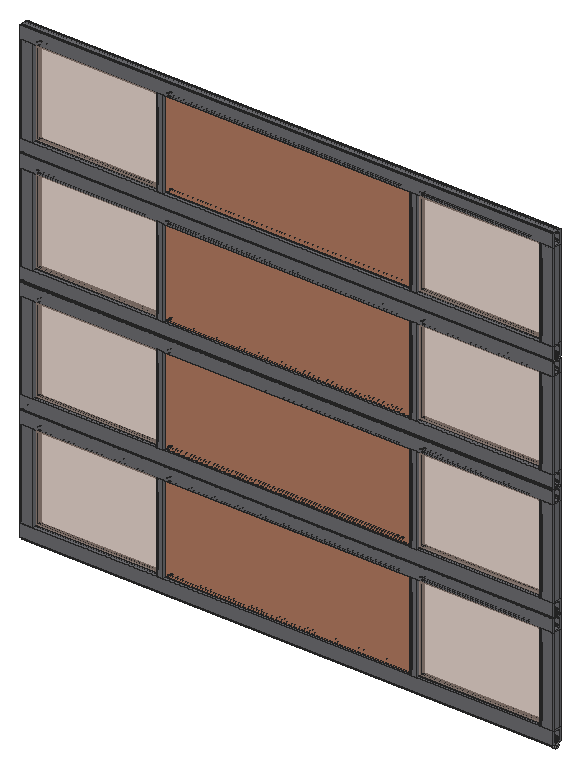
Revit family "GASY 12PUE T3C", category Doors, host Wall, Revit 2024
Family settings
  Host = Wall
  OmniClass Number = 23.30.10.00
  OmniClass Title = Doors
  Always vertical = Yes
  Cut with Voids When Loaded = No
  Shared = No
  Room Calculation Point = No
Parameters
  Wall Opening [instance] = 2440 mm
  Function = Interior
  Frame Projection Ext. = 25 mm
  Frame Projection Int. = 25 mm
  Frame Width = 75 mm
  Height = 2135 mm
  Wall Closure = By host
  Width = 2440 mm
Reference planes
  plane 1: y = 0
  plane 2 "Center (Left/Right)": x = 0
  plane 3 "Left": x = -1220
  plane 4 "Right": x = 1220
  plane 5: z = 2135
  plane 6 "Exterior": y = 75
  plane 7 "Interior": y = -75
  plane 8 "Garage Bottom": y = 75
  plane 9 "Garage Left": x = 1250
  plane 10 "Garage Right": x = -1250
  plane 11 "Garage Top": z = 2170
  plane 12: y = -115
Forms (mm)
  Extrusion 1, solid, material "ALUMINIUM CHAR (TEST)"
    sketch origin (0, -40.1, 2189.909) x (0, -1, 0) y (0, 0, -1)
      loop
        line (75, 2170) -> (75, 2110) -> (85, 2110) -> (85, 2110.993) -> (83.5, 2111.395) -> (83.5, 2112.6) -> (101.75, 2112.6) -> (101.75, 2111.307) -> (99, 2111.066) -> (99, 2110) -> (119, 2110) -> (119, 2170) -> (115.1, 2170) -> (115.1, 2168.2) -> (117.2, 2168.2) -> (117.2, 2166.2) -> (109.1, 2166.2) -> (109.1, 2168.2) -> (111.1, 2168.2) -> (111.1, 2170) -> (82.9, 2170) -> (82.9, 2168.2) -> (84.9, 2168.2) -> (84.9, 2166.2) -> (76.8, 2166.2) -> (76.8, 2168.2) -> (78.9, 2168.2) -> (78.9, 2170) -> (75, 2170)
      loop
        line (117.25, 2157.453) -> (117.25, 2164.6) -> (107.3, 2164.6) -> (107.3, 2168.2) -> (86.7, 2168.2) -> (86.7, 2164.6) -> (76.75, 2164.6) -> (76.75, 2157.453) -> (77.3, 2156.5) -> (77.3, 2153.5) -> (76.75, 2152.547) -> (76.75, 2127.253) -> (77.3, 2126.3) -> (77.3, 2123.3) -> (76.75, 2122.347) -> (76.75, 2111.8) -> (81.7, 2111.8) -> (81.7, 2114.4) -> (103.55, 2114.4) -> (103.55, 2111.8) -> (117.25, 2111.8) -> (117.25, 2122.347) -> (116.7, 2123.3) -> (116.7, 2126.3) -> (117.25, 2127.253) -> (117.25, 2152.547) -> (116.7, 2153.5) -> (116.7, 2156.5) -> (117.25, 2157.453)
      loop
        line (75, 19.909) -> (78.9, 19.909) -> (78.9, 21.709) -> (76.8, 21.709) -> (76.8, 23.709) -> (84.9, 23.709) -> (84.9, 21.709) -> (82.9, 21.709) -> (82.9, 19.909) -> (111.1, 19.909) -> (111.1, 21.709) -> (109.1, 21.709) -> (109.1, 23.709) -> (117.2, 23.709) -> (117.2, 21.709) -> (115.1, 21.709) -> (115.1, 19.909) -> (119, 19.909) -> (119, 79.909) -> (99, 79.909) -> (99, 78.843) -> (101.75, 78.602) -> (101.75, 77.309) -> (83.5, 77.309) -> (83.5, 78.514) -> (85, 78.916) -> (85, 79.909) -> (75, 79.909) -> (75, 19.909)
      loop
        line (117.25, 32.456) -> (116.7, 33.409) -> (116.7, 36.409) -> (117.25, 37.361) -> (117.25, 62.656) -> (116.7, 63.609) -> (116.7, 66.609) -> (117.25, 67.561) -> (117.25, 78.109) -> (103.55, 78.109) -> (103.55, 75.509) -> (81.7, 75.509) -> (81.7, 78.109) -> (76.75, 78.109) -> (76.75, 67.561) -> (77.3, 66.609) -> (77.3, 63.609) -> (76.75, 62.656) -> (76.75, 37.361) -> (77.3, 36.409) -> (77.3, 33.409) -> (76.75, 32.456) -> (76.75, 25.309) -> (86.7, 25.309) -> (86.7, 21.709) -> (107.3, 21.709) -> (107.3, 25.309) -> (117.25, 25.309) -> (117.25, 32.456)
    from -1250 to 1250
  Extrusion 2, solid, material "ALUMINIUM CHAR (TEST)"
    sketch origin (0, -40.1, 3811.454) x (0, -1, 0) y (0, 0, -1)
      loop
        line (75, 3258.454) -> (78.9, 3258.454) -> (78.9, 3260.254) -> (76.8, 3260.254) -> (76.8, 3262.254) -> (84.9, 3262.254) -> (84.9, 3260.254) -> (82.9, 3260.254) -> (82.9, 3258.454) -> (111.1, 3258.454) -> (111.1, 3260.254) -> (109.1, 3260.254) -> (109.1, 3262.254) -> (117.2, 3262.254) -> (117.2, 3260.254) -> (115.1, 3260.254) -> (115.1, 3258.454) -> (119, 3258.454) -> (119, 3318.454) -> (99, 3318.454) -> (99, 3317.388) -> (101.75, 3317.148) -> (101.75, 3315.854) -> (83.5, 3315.854) -> (83.5, 3317.06) -> (85, 3317.461) -> (85, 3318.454) -> (75, 3318.454) -> (75, 3258.454)
      loop
        line (117.25, 3271.002) -> (116.7, 3271.954) -> (116.7, 3274.954) -> (117.25, 3275.907) -> (117.25, 3301.202) -> (116.7, 3302.154) -> (116.7, 3305.154) -> (117.25, 3306.107) -> (117.25, 3316.654) -> (103.55, 3316.654) -> (103.55, 3314.054) -> (81.7, 3314.054) -> (81.7, 3316.654) -> (76.75, 3316.654) -> (76.75, 3306.107) -> (77.3, 3305.154) -> (77.3, 3302.154) -> (76.75, 3301.202) -> (76.75, 3275.907) -> (77.3, 3274.954) -> (77.3, 3271.954) -> (76.75, 3271.002) -> (76.75, 3263.854) -> (86.7, 3263.854) -> (86.7, 3260.254) -> (107.3, 3260.254) -> (107.3, 3263.854) -> (117.25, 3263.854) -> (117.25, 3271.002)
      loop
        line (75, 3252.454) -> (75, 3192.454) -> (85, 3192.454) -> (85, 3193.447) -> (83.5, 3193.849) -> (83.5, 3195.054) -> (101.75, 3195.054) -> (101.75, 3193.761) -> (99, 3193.52) -> (99, 3192.454) -> (119, 3192.454) -> (119, 3252.454) -> (115.1, 3252.454) -> (115.1, 3250.654) -> (117.2, 3250.654) -> (117.2, 3248.654) -> (109.1, 3248.654) -> (109.1, 3250.654) -> (111.1, 3250.654) -> (111.1, 3252.454) -> (82.9, 3252.454) -> (82.9, 3250.654) -> (84.9, 3250.654) -> (84.9, 3248.654) -> (76.8, 3248.654) -> (76.8, 3250.654) -> (78.9, 3250.654) -> (78.9, 3252.454) -> (75, 3252.454)
      loop
        line (117.25, 3239.907) -> (117.25, 3247.054) -> (107.3, 3247.054) -> (107.3, 3250.654) -> (86.7, 3250.654) -> (86.7, 3247.054) -> (76.75, 3247.054) -> (76.75, 3239.907) -> (77.3, 3238.954) -> (77.3, 3235.954) -> (76.75, 3235.002) -> (76.75, 3209.707) -> (77.3, 3208.754) -> (77.3, 3205.754) -> (76.75, 3204.802) -> (76.75, 3194.254) -> (81.7, 3194.254) -> (81.7, 3196.854) -> (103.55, 3196.854) -> (103.55, 3194.254) -> (117.25, 3194.254) -> (117.25, 3204.802) -> (116.7, 3205.754) -> (116.7, 3208.754) -> (117.25, 3209.707) -> (117.25, 3235.002) -> (116.7, 3235.954) -> (116.7, 3238.954) -> (117.25, 3239.907)
      loop
        line (75, 2719.454) -> (78.9, 2719.454) -> (78.9, 2721.254) -> (76.8, 2721.254) -> (76.8, 2723.254) -> (84.9, 2723.254) -> (84.9, 2721.254) -> (82.9, 2721.254) -> (82.9, 2719.454) -> (111.1, 2719.454) -> (111.1, 2721.254) -> (109.1, 2721.254) -> (109.1, 2723.254) -> (117.2, 2723.254) -> (117.2, 2721.254) -> (115.1, 2721.254) -> (115.1, 2719.454) -> (119, 2719.454) -> (119, 2779.454) -> (99, 2779.454) -> (99, 2778.388) -> (101.75, 2778.148) -> (101.75, 2776.854) -> (83.5, 2776.854) -> (83.5, 2778.06) -> (85, 2778.461) -> (85, 2779.454) -> (75, 2779.454) -> (75, 2719.454)
      loop
        line (117.25, 2732.002) -> (116.7, 2732.954) -> (116.7, 2735.954) -> (117.25, 2736.907) -> (117.25, 2762.202) -> (116.7, 2763.154) -> (116.7, 2766.154) -> (117.25, 2767.107) -> (117.25, 2777.654) -> (103.55, 2777.654) -> (103.55, 2775.054) -> (81.7, 2775.054) -> (81.7, 2777.654) -> (76.75, 2777.654) -> (76.75, 2767.107) -> (77.3, 2766.154) -> (77.3, 2763.154) -> (76.75, 2762.202) -> (76.75, 2736.907) -> (77.3, 2735.954) -> (77.3, 2732.954) -> (76.75, 2732.002) -> (76.75, 2724.854) -> (86.7, 2724.854) -> (86.7, 2721.254) -> (107.3, 2721.254) -> (107.3, 2724.854) -> (117.25, 2724.854) -> (117.25, 2732.002)
      loop
        line (75, 2713.454) -> (75, 2653.454) -> (85, 2653.454) -> (85, 2654.447) -> (83.5, 2654.849) -> (83.5, 2656.054) -> (101.75, 2656.054) -> (101.75, 2654.761) -> (99, 2654.52) -> (99, 2653.454) -> (119, 2653.454) -> (119, 2713.454) -> (115.1, 2713.454) -> (115.1, 2711.654) -> (117.2, 2711.654) -> (117.2, 2709.654) -> (109.1, 2709.654) -> (109.1, 2711.654) -> (111.1, 2711.654) -> (111.1, 2713.454) -> (82.9, 2713.454) -> (82.9, 2711.654) -> (84.9, 2711.654) -> (84.9, 2709.654) -> (76.8, 2709.654) -> (76.8, 2711.654) -> (78.9, 2711.654) -> (78.9, 2713.454) -> (75, 2713.454)
      loop
        line (117.25, 2700.907) -> (117.25, 2708.054) -> (107.3, 2708.054) -> (107.3, 2711.654) -> (86.7, 2711.654) -> (86.7, 2708.054) -> (76.75, 2708.054) -> (76.75, 2700.907) -> (77.3, 2699.954) -> (77.3, 2696.954) -> (76.75, 2696.002) -> (76.75, 2670.707) -> (77.3, 2669.754) -> (77.3, 2666.754) -> (76.75, 2665.802) -> (76.75, 2655.254) -> (81.7, 2655.254) -> (81.7, 2657.854) -> (103.55, 2657.854) -> (103.55, 2655.254) -> (117.25, 2655.254) -> (117.25, 2665.802) -> (116.7, 2666.754) -> (116.7, 2669.754) -> (117.25, 2670.707) -> (117.25, 2696.002) -> (116.7, 2696.954) -> (116.7, 2699.954) -> (117.25, 2700.907)
      loop
        line (75, 2180.454) -> (78.9, 2180.454) -> (78.9, 2182.254) -> (76.8, 2182.254) -> (76.8, 2184.254) -> (84.9, 2184.254) -> (84.9, 2182.254) -> (82.9, 2182.254) -> (82.9, 2180.454) -> (111.1, 2180.454) -> (111.1, 2182.254) -> (109.1, 2182.254) -> (109.1, 2184.254) -> (117.2, 2184.254) -> (117.2, 2182.254) -> (115.1, 2182.254) -> (115.1, 2180.454) -> (119, 2180.454) -> (119, 2240.454) -> (99, 2240.454) -> (99, 2239.388) -> (101.75, 2239.148) -> (101.75, 2237.854) -> (83.5, 2237.854) -> (83.5, 2239.06) -> (85, 2239.461) -> (85, 2240.454) -> (75, 2240.454) -> (75, 2180.454)
      loop
        line (117.25, 2193.002) -> (116.7, 2193.954) -> (116.7, 2196.954) -> (117.25, 2197.907) -> (117.25, 2223.202) -> (116.7, 2224.154) -> (116.7, 2227.154) -> (117.25, 2228.107) -> (117.25, 2238.654) -> (103.55, 2238.654) -> (103.55, 2236.054) -> (81.7, 2236.054) -> (81.7, 2238.654) -> (76.75, 2238.654) -> (76.75, 2228.107) -> (77.3, 2227.154) -> (77.3, 2224.154) -> (76.75, 2223.202) -> (76.75, 2197.907) -> (77.3, 2196.954) -> (77.3, 2193.954) -> (76.75, 2193.002) -> (76.75, 2185.854) -> (86.7, 2185.854) -> (86.7, 2182.254) -> (107.3, 2182.254) -> (107.3, 2185.854) -> (117.25, 2185.854) -> (117.25, 2193.002)
      loop
        line (75, 2174.454) -> (75, 2114.454) -> (85, 2114.454) -> (85, 2115.447) -> (83.5, 2115.849) -> (83.5, 2117.054) -> (101.75, 2117.054) -> (101.75, 2115.761) -> (99, 2115.52) -> (99, 2114.454) -> (119, 2114.454) -> (119, 2174.454) -> (115.1, 2174.454) -> (115.1, 2172.654) -> (117.2, 2172.654) -> (117.2, 2170.654) -> (109.1, 2170.654) -> (109.1, 2172.654) -> (111.1, 2172.654) -> (111.1, 2174.454) -> (82.9, 2174.454) -> (82.9, 2172.654) -> (84.9, 2172.654) -> (84.9, 2170.654) -> (76.8, 2170.654) -> (76.8, 2172.654) -> (78.9, 2172.654) -> (78.9, 2174.454) -> (75, 2174.454)
      loop
        line (117.25, 2161.907) -> (117.25, 2169.054) -> (107.3, 2169.054) -> (107.3, 2172.654) -> (86.7, 2172.654) -> (86.7, 2169.054) -> (76.75, 2169.054) -> (76.75, 2161.907) -> (77.3, 2160.954) -> (77.3, 2157.954) -> (76.75, 2157.002) -> (76.75, 2131.707) -> (77.3, 2130.754) -> (77.3, 2127.754) -> (76.75, 2126.802) -> (76.75, 2116.254) -> (81.7, 2116.254) -> (81.7, 2118.854) -> (103.55, 2118.854) -> (103.55, 2116.254) -> (117.25, 2116.254) -> (117.25, 2126.802) -> (116.7, 2127.754) -> (116.7, 2130.754) -> (117.25, 2131.707) -> (117.25, 2157.002) -> (116.7, 2157.954) -> (116.7, 2160.954) -> (117.25, 2161.907)
    from -1250 to 1250
  Extrusion 3, solid, material "Rubber, Natural"
    sketch origin (0, -36.1, 0) x (0, 1, 0) y (0, 0, 1)
      loop
        line (-111, 19.909) -> (-111, 16.909) -> (-106, 16.909) -> (-106, 14.004)
        spline (-106, 14.004) -> (-109.192, 11.809) -> (-110.848, 8.808) -> (-110.659, 5.562) -> (-108.66, 2.681) -> (-105.226, 0.703) -> (-101, 0) -> (-96.774, 0.703) -> (-93.34, 2.681) -> (-91.341, 5.562) -> (-91.152, 8.808) -> (-92.808, 11.809) -> (-96, 14.004)
        line (-96, 14.004) -> (-96, 16.909) -> (-91, 16.909) -> (-91, 19.909) -> (-111, 19.909)
      loop
        line (-98, 16.909) -> (-104, 16.909) -> (-104, 14.633)
        arc (-104, 14.633) -> (-101, 15.009) -> (-98, 14.633) r 12.129
        line (-98, 14.633) -> (-98, 16.909)
      loop
        spline (-101, 1.513) -> (-98.929, 1.717) -> (-97, 2.316) -> (-95.343, 3.268) -> (-94.072, 4.509) -> (-93.273, 5.954) -> (-93, 7.505) -> (-93.273, 9.055) -> (-94.072, 10.501) -> (-95.343, 11.742) -> (-97, 12.694) -> (-98.929, 13.292) -> (-101, 13.496)
        spline (-101, 13.496) -> (-103.071, 13.292) -> (-105, 12.694) -> (-106.657, 11.742) -> (-107.928, 10.501) -> (-108.727, 9.055) -> (-109, 7.505) -> (-108.727, 5.954) -> (-107.928, 4.509) -> (-106.657, 3.268) -> (-105, 2.316) -> (-103.071, 1.717) -> (-101, 1.513)
    from -1250 to 1250
  Extrusion 4, solid, material "Rubber, Natural"
    sketch origin (0, -19.95, 1625.346) x (0, 1, 0) y (0, 0, 1)
      loop
        line (-104, 14.808) -> (-104, 13.808) -> (-101.5, 13.808) -> (-101.5, 11.781)
        spline (-101.5, 11.781) -> (-102.841, 11.479) -> (-103.739, 10.888) -> (-103.978, 10.15) -> (-103.501, 9.444) -> (-102.421, 8.938) -> (-101, 8.754) -> (-99.579, 8.938) -> (-98.499, 9.444) -> (-98.022, 10.15) -> (-98.261, 10.888) -> (-99.159, 11.479) -> (-100.5, 11.781)
        line (-100.5, 11.781) -> (-100.5, 13.808) -> (-98, 13.808) -> (-98, 14.808) -> (-104, 14.808)
      loop
        line (-136.3, 14.808) -> (-136.3, 13.808) -> (-133.8, 13.808) -> (-133.8, 11.781)
        spline (-133.8, 11.781) -> (-135.141, 11.479) -> (-136.039, 10.888) -> (-136.278, 10.15) -> (-135.801, 9.444) -> (-134.721, 8.938) -> (-133.3, 8.754) -> (-131.879, 8.938) -> (-130.799, 9.444) -> (-130.322, 10.15) -> (-130.561, 10.888) -> (-131.459, 11.479) -> (-132.8, 11.781)
        line (-132.8, 11.781) -> (-132.8, 13.808) -> (-130.3, 13.808) -> (-130.3, 14.808) -> (-136.3, 14.808)
      loop
        line (-104, 2.501) -> (-98, 2.501) -> (-98, 3.501) -> (-100.5, 3.501) -> (-100.5, 5.528)
        spline (-100.5, 5.528) -> (-99.159, 5.83) -> (-98.261, 6.421) -> (-98.022, 7.158) -> (-98.499, 7.865) -> (-99.579, 8.371) -> (-101, 8.554) -> (-102.421, 8.371) -> (-103.501, 7.865) -> (-103.978, 7.158) -> (-103.739, 6.421) -> (-102.841, 5.83) -> (-101.5, 5.528)
        line (-101.5, 5.528) -> (-101.5, 3.501) -> (-104, 3.501) -> (-104, 2.501)
      loop
        line (-136.3, 2.501) -> (-130.3, 2.501) -> (-130.3, 3.501) -> (-132.8, 3.501) -> (-132.8, 5.528)
        spline (-132.8, 5.528) -> (-131.459, 5.83) -> (-130.561, 6.421) -> (-130.322, 7.158) -> (-130.799, 7.865) -> (-131.879, 8.371) -> (-133.3, 8.554) -> (-134.721, 8.371) -> (-135.801, 7.865) -> (-136.278, 7.158) -> (-136.039, 6.421) -> (-135.141, 5.83) -> (-133.8, 5.528)
        line (-133.8, 5.528) -> (-133.8, 3.501) -> (-136.3, 3.501) -> (-136.3, 2.501)
      loop
        line (-104, -524.192) -> (-104, -525.192) -> (-101.5, -525.192) -> (-101.5, -527.219)
        spline (-101.5, -527.219) -> (-102.841, -527.521) -> (-103.739, -528.112) -> (-103.978, -528.85) -> (-103.501, -529.556) -> (-102.421, -530.062) -> (-101, -530.246) -> (-99.579, -530.062) -> (-98.499, -529.556) -> (-98.022, -528.85) -> (-98.261, -528.112) -> (-99.159, -527.521) -> (-100.5, -527.219)
        line (-100.5, -527.219) -> (-100.5, -525.192) -> (-98, -525.192) -> (-98, -524.192) -> (-104, -524.192)
      loop
        line (-136.3, -524.192) -> (-136.3, -525.192) -> (-133.8, -525.192) -> (-133.8, -527.219)
        spline (-133.8, -527.219) -> (-135.141, -527.521) -> (-136.039, -528.112) -> (-136.278, -528.85) -> (-135.801, -529.556) -> (-134.721, -530.062) -> (-133.3, -530.246) -> (-131.879, -530.062) -> (-130.799, -529.556) -> (-130.322, -528.85) -> (-130.561, -528.112) -> (-131.459, -527.521) -> (-132.8, -527.219)
        line (-132.8, -527.219) -> (-132.8, -525.192) -> (-130.3, -525.192) -> (-130.3, -524.192) -> (-136.3, -524.192)
      loop
        line (-104, -536.499) -> (-98, -536.499) -> (-98, -535.499) -> (-100.5, -535.499) -> (-100.5, -533.472)
        spline (-100.5, -533.472) -> (-99.159, -533.17) -> (-98.261, -532.579) -> (-98.022, -531.842) -> (-98.499, -531.135) -> (-99.579, -530.629) -> (-101, -530.446) -> (-102.421, -530.629) -> (-103.501, -531.135) -> (-103.978, -531.842) -> (-103.739, -532.579) -> (-102.841, -533.17) -> (-101.5, -533.472)
        line (-101.5, -533.472) -> (-101.5, -535.499) -> (-104, -535.499) -> (-104, -536.499)
      loop
        line (-136.3, -536.499) -> (-130.3, -536.499) -> (-130.3, -535.499) -> (-132.8, -535.499) -> (-132.8, -533.472)
        spline (-132.8, -533.472) -> (-131.459, -533.17) -> (-130.561, -532.579) -> (-130.322, -531.842) -> (-130.799, -531.135) -> (-131.879, -530.629) -> (-133.3, -530.446) -> (-134.721, -530.629) -> (-135.801, -531.135) -> (-136.278, -531.842) -> (-136.039, -532.579) -> (-135.141, -533.17) -> (-133.8, -533.472)
        line (-133.8, -533.472) -> (-133.8, -535.499) -> (-136.3, -535.499) -> (-136.3, -536.499)
      loop
        line (-104, -1063.192) -> (-104, -1064.192) -> (-101.5, -1064.192) -> (-101.5, -1066.219)
        spline (-101.5, -1066.219) -> (-102.841, -1066.521) -> (-103.739, -1067.112) -> (-103.978, -1067.85) -> (-103.501, -1068.556) -> (-102.421, -1069.062) -> (-101, -1069.246) -> (-99.579, -1069.062) -> (-98.499, -1068.556) -> (-98.022, -1067.85) -> (-98.261, -1067.112) -> (-99.159, -1066.521) -> (-100.5, -1066.219)
        line (-100.5, -1066.219) -> (-100.5, -1064.192) -> (-98, -1064.192) -> (-98, -1063.192) -> (-104, -1063.192)
      loop
        line (-136.3, -1063.192) -> (-136.3, -1064.192) -> (-133.8, -1064.192) -> (-133.8, -1066.219)
        spline (-133.8, -1066.219) -> (-135.141, -1066.521) -> (-136.039, -1067.112) -> (-136.278, -1067.85) -> (-135.801, -1068.556) -> (-134.721, -1069.062) -> (-133.3, -1069.246) -> (-131.879, -1069.062) -> (-130.799, -1068.556) -> (-130.322, -1067.85) -> (-130.561, -1067.112) -> (-131.459, -1066.521) -> (-132.8, -1066.219)
        line (-132.8, -1066.219) -> (-132.8, -1064.192) -> (-130.3, -1064.192) -> (-130.3, -1063.192) -> (-136.3, -1063.192)
      loop
        line (-104, -1075.499) -> (-98, -1075.499) -> (-98, -1074.499) -> (-100.5, -1074.499) -> (-100.5, -1072.472)
        spline (-100.5, -1072.472) -> (-99.159, -1072.17) -> (-98.261, -1071.579) -> (-98.022, -1070.842) -> (-98.499, -1070.135) -> (-99.579, -1069.629) -> (-101, -1069.446) -> (-102.421, -1069.629) -> (-103.501, -1070.135) -> (-103.978, -1070.842) -> (-103.739, -1071.579) -> (-102.841, -1072.17) -> (-101.5, -1072.472)
        line (-101.5, -1072.472) -> (-101.5, -1074.499) -> (-104, -1074.499) -> (-104, -1075.499)
      loop
        line (-136.3, -1075.499) -> (-130.3, -1075.499) -> (-130.3, -1074.499) -> (-132.8, -1074.499) -> (-132.8, -1072.472)
        spline (-132.8, -1072.472) -> (-131.459, -1072.17) -> (-130.561, -1071.579) -> (-130.322, -1070.842) -> (-130.799, -1070.135) -> (-131.879, -1069.629) -> (-133.3, -1069.446) -> (-134.721, -1069.629) -> (-135.801, -1070.135) -> (-136.278, -1070.842) -> (-136.039, -1071.579) -> (-135.141, -1072.17) -> (-133.8, -1072.472)
        line (-133.8, -1072.472) -> (-133.8, -1074.499) -> (-136.3, -1074.499) -> (-136.3, -1075.499)
    from -1250 to 1250
  Extrusion 5, solid, material "ALUMINIUM CHAR (TEST)"
    sketch origin (2744.172, 259.9, 1153.454) x (1, 0, 0) y (0, 1, 0)
      loop
        line (-3934.172, -375) -> (-3994.172, -375) -> (-3994.172, -378.9) -> (-3992.372, -378.9) -> (-3992.372, -376.8) -> (-3990.372, -376.8) -> (-3990.372, -384.9) -> (-3992.372, -384.9) -> (-3992.372, -382.9) -> (-3994.172, -382.9) -> (-3994.172, -411.1) -> (-3992.372, -411.1) -> (-3992.372, -409.1) -> (-3990.372, -409.1) -> (-3990.372, -417.2) -> (-3992.372, -417.2) -> (-3992.372, -415.1) -> (-3994.172, -415.1) -> (-3994.172, -419) -> (-3934.172, -419) -> (-3934.172, -399) -> (-3935.238, -399) -> (-3935.479, -401.75) -> (-3936.772, -401.75) -> (-3936.772, -383.5) -> (-3935.567, -383.5) -> (-3935.165, -385) -> (-3934.172, -385) -> (-3934.172, -375)
      loop
        line (-3988.772, -376.75) -> (-3988.772, -386.7) -> (-3992.372, -386.7) -> (-3992.372, -407.3) -> (-3988.772, -407.3) -> (-3988.772, -417.25) -> (-3981.625, -417.25) -> (-3980.672, -416.7) -> (-3977.672, -416.7) -> (-3976.72, -417.25) -> (-3951.425, -417.25) -> (-3950.472, -416.7) -> (-3947.472, -416.7) -> (-3946.52, -417.25) -> (-3935.972, -417.25) -> (-3935.972, -403.55) -> (-3938.572, -403.55) -> (-3938.572, -381.7) -> (-3935.972, -381.7) -> (-3935.972, -376.75) -> (-3946.52, -376.75) -> (-3947.472, -377.3) -> (-3950.472, -377.3) -> (-3951.425, -376.75) -> (-3976.72, -376.75) -> (-3977.672, -377.3) -> (-3980.672, -377.3) -> (-3981.625, -376.75) -> (-3988.772, -376.75)
      loop
        line (-1554.172, -375) -> (-1554.172, -385) -> (-1553.179, -385) -> (-1552.777, -383.5) -> (-1551.572, -383.5) -> (-1551.572, -401.75) -> (-1552.866, -401.75) -> (-1553.106, -399) -> (-1554.172, -399) -> (-1554.172, -419) -> (-1494.172, -419) -> (-1494.172, -415.1) -> (-1495.972, -415.1) -> (-1495.972, -417.2) -> (-1497.972, -417.2) -> (-1497.972, -409.1) -> (-1495.972, -409.1) -> (-1495.972, -411.1) -> (-1494.172, -411.1) -> (-1494.172, -382.9) -> (-1495.972, -382.9) -> (-1495.972, -384.9) -> (-1497.972, -384.9) -> (-1497.972, -376.8) -> (-1495.972, -376.8) -> (-1495.972, -378.9) -> (-1494.172, -378.9) -> (-1494.172, -375) -> (-1554.172, -375)
      loop
        line (-1507.672, -377.3) -> (-1510.672, -377.3) -> (-1511.625, -376.75) -> (-1536.92, -376.75) -> (-1537.872, -377.3) -> (-1540.872, -377.3) -> (-1541.825, -376.75) -> (-1552.372, -376.75) -> (-1552.372, -381.7) -> (-1549.772, -381.7) -> (-1549.772, -403.55) -> (-1552.372, -403.55) -> (-1552.372, -417.25) -> (-1541.825, -417.25) -> (-1540.872, -416.7) -> (-1537.872, -416.7) -> (-1536.92, -417.25) -> (-1511.625, -417.25) -> (-1510.672, -416.7) -> (-1507.672, -416.7) -> (-1506.72, -417.25) -> (-1499.572, -417.25) -> (-1499.572, -407.3) -> (-1495.972, -407.3) -> (-1495.972, -386.7) -> (-1499.572, -386.7) -> (-1499.572, -376.75) -> (-1506.72, -376.75) -> (-1507.672, -377.3)
      loop
        line (-3354.172, -385) -> (-3353.179, -385) -> (-3352.777, -383.5) -> (-3351.572, -383.5) -> (-3351.572, -401.75) -> (-3352.866, -401.75) -> (-3353.106, -399) -> (-3354.172, -399) -> (-3354.172, -419) -> (-3324.172, -419) -> (-3324.172, -399) -> (-3325.238, -399) -> (-3325.479, -401.75) -> (-3326.772, -401.75) -> (-3326.772, -383.5) -> (-3325.567, -383.5) -> (-3325.165, -385) -> (-3324.172, -385) -> (-3324.172, -375) -> (-3354.172, -375) -> (-3354.172, -385)
      loop
        line (-3352.372, -376.75) -> (-3352.372, -381.7) -> (-3349.772, -381.7) -> (-3349.772, -403.55) -> (-3352.372, -403.55) -> (-3352.372, -417.25) -> (-3325.972, -417.25) -> (-3325.972, -403.55) -> (-3328.572, -403.55) -> (-3328.572, -381.7) -> (-3325.972, -381.7) -> (-3325.972, -376.75) -> (-3352.372, -376.75)
      loop
        line (-2134.172, -385) -> (-2134.172, -375) -> (-2164.172, -375) -> (-2164.172, -385) -> (-2163.179, -385) -> (-2162.777, -383.5) -> (-2161.572, -383.5) -> (-2161.572, -401.75) -> (-2162.866, -401.75) -> (-2163.106, -399) -> (-2164.172, -399) -> (-2164.172, -419) -> (-2134.172, -419) -> (-2134.172, -399) -> (-2135.238, -399) -> (-2135.479, -401.75) -> (-2136.772, -401.75) -> (-2136.772, -383.5) -> (-2135.567, -383.5) -> (-2135.165, -385) -> (-2134.172, -385)
      loop
        line (-2135.972, -376.75) -> (-2162.372, -376.75) -> (-2162.372, -381.7) -> (-2159.772, -381.7) -> (-2159.772, -403.55) -> (-2162.372, -403.55) -> (-2162.372, -417.25) -> (-2135.972, -417.25) -> (-2135.972, -403.55) -> (-2138.572, -403.55) -> (-2138.572, -381.7) -> (-2135.972, -381.7) -> (-2135.972, -376.75)
    from 4.546 to 417.546
  Extrusion 6, solid, material "ALUMINIUM CHAR (TEST)"
    sketch origin (2744.172, 259.9, 612.954) x (1, 0, 0) y (0, 1, 0)
      loop
        line (-3934.172, -375) -> (-3994.172, -375) -> (-3994.172, -378.9) -> (-3992.372, -378.9) -> (-3992.372, -376.8) -> (-3990.372, -376.8) -> (-3990.372, -384.9) -> (-3992.372, -384.9) -> (-3992.372, -382.9) -> (-3994.172, -382.9) -> (-3994.172, -411.1) -> (-3992.372, -411.1) -> (-3992.372, -409.1) -> (-3990.372, -409.1) -> (-3990.372, -417.2) -> (-3992.372, -417.2) -> (-3992.372, -415.1) -> (-3994.172, -415.1) -> (-3994.172, -419) -> (-3934.172, -419) -> (-3934.172, -399) -> (-3935.238, -399) -> (-3935.479, -401.75) -> (-3936.772, -401.75) -> (-3936.772, -383.5) -> (-3935.567, -383.5) -> (-3935.165, -385) -> (-3934.172, -385) -> (-3934.172, -375)
      loop
        line (-3988.772, -376.75) -> (-3988.772, -386.7) -> (-3992.372, -386.7) -> (-3992.372, -407.3) -> (-3988.772, -407.3) -> (-3988.772, -417.25) -> (-3981.625, -417.25) -> (-3980.672, -416.7) -> (-3977.672, -416.7) -> (-3976.72, -417.25) -> (-3951.425, -417.25) -> (-3950.472, -416.7) -> (-3947.472, -416.7) -> (-3946.52, -417.25) -> (-3935.972, -417.25) -> (-3935.972, -403.55) -> (-3938.572, -403.55) -> (-3938.572, -381.7) -> (-3935.972, -381.7) -> (-3935.972, -376.75) -> (-3946.52, -376.75) -> (-3947.472, -377.3) -> (-3950.472, -377.3) -> (-3951.425, -376.75) -> (-3976.72, -376.75) -> (-3977.672, -377.3) -> (-3980.672, -377.3) -> (-3981.625, -376.75) -> (-3988.772, -376.75)
      loop
        line (-1554.172, -375) -> (-1554.172, -385) -> (-1553.179, -385) -> (-1552.777, -383.5) -> (-1551.572, -383.5) -> (-1551.572, -401.75) -> (-1552.866, -401.75) -> (-1553.106, -399) -> (-1554.172, -399) -> (-1554.172, -419) -> (-1494.172, -419) -> (-1494.172, -415.1) -> (-1495.972, -415.1) -> (-1495.972, -417.2) -> (-1497.972, -417.2) -> (-1497.972, -409.1) -> (-1495.972, -409.1) -> (-1495.972, -411.1) -> (-1494.172, -411.1) -> (-1494.172, -382.9) -> (-1495.972, -382.9) -> (-1495.972, -384.9) -> (-1497.972, -384.9) -> (-1497.972, -376.8) -> (-1495.972, -376.8) -> (-1495.972, -378.9) -> (-1494.172, -378.9) -> (-1494.172, -375) -> (-1554.172, -375)
      loop
        line (-1507.672, -377.3) -> (-1510.672, -377.3) -> (-1511.625, -376.75) -> (-1536.92, -376.75) -> (-1537.872, -377.3) -> (-1540.872, -377.3) -> (-1541.825, -376.75) -> (-1552.372, -376.75) -> (-1552.372, -381.7) -> (-1549.772, -381.7) -> (-1549.772, -403.55) -> (-1552.372, -403.55) -> (-1552.372, -417.25) -> (-1541.825, -417.25) -> (-1540.872, -416.7) -> (-1537.872, -416.7) -> (-1536.92, -417.25) -> (-1511.625, -417.25) -> (-1510.672, -416.7) -> (-1507.672, -416.7) -> (-1506.72, -417.25) -> (-1499.572, -417.25) -> (-1499.572, -407.3) -> (-1495.972, -407.3) -> (-1495.972, -386.7) -> (-1499.572, -386.7) -> (-1499.572, -376.75) -> (-1506.72, -376.75) -> (-1507.672, -377.3)
      loop
        line (-3324.172, -375) -> (-3354.172, -375) -> (-3354.172, -385) -> (-3353.179, -385) -> (-3352.777, -383.5) -> (-3351.572, -383.5) -> (-3351.572, -401.75) -> (-3352.866, -401.75) -> (-3353.106, -399) -> (-3354.172, -399) -> (-3354.172, -419) -> (-3324.172, -419) -> (-3324.172, -399) -> (-3325.238, -399) -> (-3325.479, -401.75) -> (-3326.772, -401.75) -> (-3326.772, -383.5) -> (-3325.567, -383.5) -> (-3325.165, -385) -> (-3324.172, -385) -> (-3324.172, -375)
      loop
        line (-3352.372, -376.75) -> (-3352.372, -381.7) -> (-3349.772, -381.7) -> (-3349.772, -403.55) -> (-3352.372, -403.55) -> (-3352.372, -417.25) -> (-3325.972, -417.25) -> (-3325.972, -403.55) -> (-3328.572, -403.55) -> (-3328.572, -381.7) -> (-3325.972, -381.7) -> (-3325.972, -376.75) -> (-3352.372, -376.75)
      loop
        line (-2164.172, -375) -> (-2164.172, -385) -> (-2163.179, -385) -> (-2162.777, -383.5) -> (-2161.572, -383.5) -> (-2161.572, -401.75) -> (-2162.866, -401.75) -> (-2163.106, -399) -> (-2164.172, -399) -> (-2164.172, -419) -> (-2134.172, -419) -> (-2134.172, -399) -> (-2135.238, -399) -> (-2135.479, -401.75) -> (-2136.772, -401.75) -> (-2136.772, -383.5) -> (-2135.567, -383.5) -> (-2135.165, -385) -> (-2134.172, -385) -> (-2134.172, -375) -> (-2164.172, -375)
      loop
        line (-2135.972, -376.75) -> (-2162.372, -376.75) -> (-2162.372, -381.7) -> (-2159.772, -381.7) -> (-2159.772, -403.55) -> (-2162.372, -403.55) -> (-2162.372, -417.25) -> (-2135.972, -417.25) -> (-2135.972, -403.55) -> (-2138.572, -403.55) -> (-2138.572, -381.7) -> (-2135.972, -381.7) -> (-2135.972, -376.75)
    from 6.046 to 419.046
  Extrusion 7, solid, material "ALUMINIUM CHAR (TEST)"
    sketch origin (2744.172, 259.9, 72.454) x (1, 0, 0) y (0, 1, 0)
      loop
        line (-3934.172, -375) -> (-3994.172, -375) -> (-3994.172, -378.9) -> (-3992.372, -378.9) -> (-3992.372, -376.8) -> (-3990.372, -376.8) -> (-3990.372, -384.9) -> (-3992.372, -384.9) -> (-3992.372, -382.9) -> (-3994.172, -382.9) -> (-3994.172, -411.1) -> (-3992.372, -411.1) -> (-3992.372, -409.1) -> (-3990.372, -409.1) -> (-3990.372, -417.2) -> (-3992.372, -417.2) -> (-3992.372, -415.1) -> (-3994.172, -415.1) -> (-3994.172, -419) -> (-3934.172, -419) -> (-3934.172, -399) -> (-3935.238, -399) -> (-3935.479, -401.75) -> (-3936.772, -401.75) -> (-3936.772, -383.5) -> (-3935.567, -383.5) -> (-3935.165, -385) -> (-3934.172, -385) -> (-3934.172, -375)
      loop
        line (-3988.772, -376.75) -> (-3988.772, -386.7) -> (-3992.372, -386.7) -> (-3992.372, -407.3) -> (-3988.772, -407.3) -> (-3988.772, -417.25) -> (-3981.625, -417.25) -> (-3980.672, -416.7) -> (-3977.672, -416.7) -> (-3976.72, -417.25) -> (-3951.425, -417.25) -> (-3950.472, -416.7) -> (-3947.472, -416.7) -> (-3946.52, -417.25) -> (-3935.972, -417.25) -> (-3935.972, -403.55) -> (-3938.572, -403.55) -> (-3938.572, -381.7) -> (-3935.972, -381.7) -> (-3935.972, -376.75) -> (-3946.52, -376.75) -> (-3947.472, -377.3) -> (-3950.472, -377.3) -> (-3951.425, -376.75) -> (-3976.72, -376.75) -> (-3977.672, -377.3) -> (-3980.672, -377.3) -> (-3981.625, -376.75) -> (-3988.772, -376.75)
      loop
        line (-1554.172, -375) -> (-1554.172, -385) -> (-1553.179, -385) -> (-1552.777, -383.5) -> (-1551.572, -383.5) -> (-1551.572, -401.75) -> (-1552.866, -401.75) -> (-1553.106, -399) -> (-1554.172, -399) -> (-1554.172, -419) -> (-1494.172, -419) -> (-1494.172, -415.1) -> (-1495.972, -415.1) -> (-1495.972, -417.2) -> (-1497.972, -417.2) -> (-1497.972, -409.1) -> (-1495.972, -409.1) -> (-1495.972, -411.1) -> (-1494.172, -411.1) -> (-1494.172, -382.9) -> (-1495.972, -382.9) -> (-1495.972, -384.9) -> (-1497.972, -384.9) -> (-1497.972, -376.8) -> (-1495.972, -376.8) -> (-1495.972, -378.9) -> (-1494.172, -378.9) -> (-1494.172, -375) -> (-1554.172, -375)
      loop
        line (-1507.672, -377.3) -> (-1510.672, -377.3) -> (-1511.625, -376.75) -> (-1536.92, -376.75) -> (-1537.872, -377.3) -> (-1540.872, -377.3) -> (-1541.825, -376.75) -> (-1552.372, -376.75) -> (-1552.372, -381.7) -> (-1549.772, -381.7) -> (-1549.772, -403.55) -> (-1552.372, -403.55) -> (-1552.372, -417.25) -> (-1541.825, -417.25) -> (-1540.872, -416.7) -> (-1537.872, -416.7) -> (-1536.92, -417.25) -> (-1511.625, -417.25) -> (-1510.672, -416.7) -> (-1507.672, -416.7) -> (-1506.72, -417.25) -> (-1499.572, -417.25) -> (-1499.572, -407.3) -> (-1495.972, -407.3) -> (-1495.972, -386.7) -> (-1499.572, -386.7) -> (-1499.572, -376.75) -> (-1506.72, -376.75) -> (-1507.672, -377.3)
      loop
        line (-2164.172, -375) -> (-2164.172, -385) -> (-2163.179, -385) -> (-2162.777, -383.5) -> (-2161.572, -383.5) -> (-2161.572, -401.75) -> (-2162.866, -401.75) -> (-2163.106, -399) -> (-2164.172, -399) -> (-2164.172, -419) -> (-2134.172, -419) -> (-2134.172, -399) -> (-2135.238, -399) -> (-2135.479, -401.75) -> (-2136.772, -401.75) -> (-2136.772, -383.5) -> (-2135.567, -383.5) -> (-2135.165, -385) -> (-2134.172, -385) -> (-2134.172, -375) -> (-2164.172, -375)
      loop
        line (-2135.972, -376.75) -> (-2162.372, -376.75) -> (-2162.372, -381.7) -> (-2159.772, -381.7) -> (-2159.772, -403.55) -> (-2162.372, -403.55) -> (-2162.372, -417.25) -> (-2135.972, -417.25) -> (-2135.972, -403.55) -> (-2138.572, -403.55) -> (-2138.572, -381.7) -> (-2135.972, -381.7) -> (-2135.972, -376.75)
      loop
        line (-3324.172, -375) -> (-3354.172, -375) -> (-3354.172, -385) -> (-3353.179, -385) -> (-3352.777, -383.5) -> (-3351.572, -383.5) -> (-3351.572, -401.75) -> (-3352.866, -401.75) -> (-3353.106, -399) -> (-3354.172, -399) -> (-3354.172, -419) -> (-3324.172, -419) -> (-3324.172, -399) -> (-3325.238, -399) -> (-3325.479, -401.75) -> (-3326.772, -401.75) -> (-3326.772, -383.5) -> (-3325.567, -383.5) -> (-3325.165, -385) -> (-3324.172, -385) -> (-3324.172, -375)
      loop
        line (-3352.372, -376.75) -> (-3352.372, -381.7) -> (-3349.772, -381.7) -> (-3349.772, -403.55) -> (-3352.372, -403.55) -> (-3352.372, -417.25) -> (-3325.972, -417.25) -> (-3325.972, -403.55) -> (-3328.572, -403.55) -> (-3328.572, -381.7) -> (-3325.972, -381.7) -> (-3325.972, -376.75) -> (-3352.372, -376.75)
    from 7.454 to 420.546
  Extrusion 8, solid, material "ALUMINIUM CHAR (TEST)"
    sketch origin (2744.172, 259.9, 1182.754) x (1, 0, 0) y (0, 1, 0)
      loop
        line (-3934.172, -375) -> (-3994.172, -375) -> (-3994.172, -378.9) -> (-3992.372, -378.9) -> (-3992.372, -376.8) -> (-3990.372, -376.8) -> (-3990.372, -384.9) -> (-3992.372, -384.9) -> (-3992.372, -382.9) -> (-3994.172, -382.9) -> (-3994.172, -411.1) -> (-3992.372, -411.1) -> (-3992.372, -409.1) -> (-3990.372, -409.1) -> (-3990.372, -417.2) -> (-3992.372, -417.2) -> (-3992.372, -415.1) -> (-3994.172, -415.1) -> (-3994.172, -419) -> (-3934.172, -419) -> (-3934.172, -399) -> (-3935.238, -399) -> (-3935.479, -401.75) -> (-3936.772, -401.75) -> (-3936.772, -383.5) -> (-3935.567, -383.5) -> (-3935.165, -385) -> (-3934.172, -385) -> (-3934.172, -375)
      loop
        line (-3988.772, -376.75) -> (-3988.772, -386.7) -> (-3992.372, -386.7) -> (-3992.372, -407.3) -> (-3988.772, -407.3) -> (-3988.772, -417.25) -> (-3981.625, -417.25) -> (-3980.672, -416.7) -> (-3977.672, -416.7) -> (-3976.72, -417.25) -> (-3951.425, -417.25) -> (-3950.472, -416.7) -> (-3947.472, -416.7) -> (-3946.52, -417.25) -> (-3935.972, -417.25) -> (-3935.972, -403.55) -> (-3938.572, -403.55) -> (-3938.572, -381.7) -> (-3935.972, -381.7) -> (-3935.972, -376.75) -> (-3946.52, -376.75) -> (-3947.472, -377.3) -> (-3950.472, -377.3) -> (-3951.425, -376.75) -> (-3976.72, -376.75) -> (-3977.672, -377.3) -> (-3980.672, -377.3) -> (-3981.625, -376.75) -> (-3988.772, -376.75)
      loop
        line (-1554.172, -375) -> (-1554.172, -385) -> (-1553.179, -385) -> (-1552.777, -383.5) -> (-1551.572, -383.5) -> (-1551.572, -401.75) -> (-1552.866, -401.75) -> (-1553.106, -399) -> (-1554.172, -399) -> (-1554.172, -419) -> (-1494.172, -419) -> (-1494.172, -415.1) -> (-1495.972, -415.1) -> (-1495.972, -417.2) -> (-1497.972, -417.2) -> (-1497.972, -409.1) -> (-1495.972, -409.1) -> (-1495.972, -411.1) -> (-1494.172, -411.1) -> (-1494.172, -382.9) -> (-1495.972, -382.9) -> (-1495.972, -384.9) -> (-1497.972, -384.9) -> (-1497.972, -376.8) -> (-1495.972, -376.8) -> (-1495.972, -378.9) -> (-1494.172, -378.9) -> (-1494.172, -375) -> (-1554.172, -375)
      loop
        line (-1507.672, -377.3) -> (-1510.672, -377.3) -> (-1511.625, -376.75) -> (-1536.92, -376.75) -> (-1537.872, -377.3) -> (-1540.872, -377.3) -> (-1541.825, -376.75) -> (-1552.372, -376.75) -> (-1552.372, -381.7) -> (-1549.772, -381.7) -> (-1549.772, -403.55) -> (-1552.372, -403.55) -> (-1552.372, -417.25) -> (-1541.825, -417.25) -> (-1540.872, -416.7) -> (-1537.872, -416.7) -> (-1536.92, -417.25) -> (-1511.625, -417.25) -> (-1510.672, -416.7) -> (-1507.672, -416.7) -> (-1506.72, -417.25) -> (-1499.572, -417.25) -> (-1499.572, -407.3) -> (-1495.972, -407.3) -> (-1495.972, -386.7) -> (-1499.572, -386.7) -> (-1499.572, -376.75) -> (-1506.72, -376.75) -> (-1507.672, -377.3)
      loop
        line (-3324.172, -375) -> (-3354.172, -375) -> (-3354.172, -385) -> (-3353.179, -385) -> (-3352.777, -383.5) -> (-3351.572, -383.5) -> (-3351.572, -401.75) -> (-3352.866, -401.75) -> (-3353.106, -399) -> (-3354.172, -399) -> (-3354.172, -419) -> (-3324.172, -419) -> (-3324.172, -399) -> (-3325.238, -399) -> (-3325.479, -401.75) -> (-3326.772, -401.75) -> (-3326.772, -383.5) -> (-3325.567, -383.5) -> (-3325.165, -385) -> (-3324.172, -385) -> (-3324.172, -375)
      loop
        line (-3352.372, -376.75) -> (-3352.372, -381.7) -> (-3349.772, -381.7) -> (-3349.772, -403.55) -> (-3352.372, -403.55) -> (-3352.372, -417.25) -> (-3325.972, -417.25) -> (-3325.972, -403.55) -> (-3328.572, -403.55) -> (-3328.572, -381.7) -> (-3325.972, -381.7) -> (-3325.972, -376.75) -> (-3352.372, -376.75)
      loop
        line (-2164.172, -375) -> (-2164.172, -385) -> (-2163.179, -385) -> (-2162.777, -383.5) -> (-2161.572, -383.5) -> (-2161.572, -401.75) -> (-2162.866, -401.75) -> (-2163.106, -399) -> (-2164.172, -399) -> (-2164.172, -419) -> (-2134.172, -419) -> (-2134.172, -399) -> (-2135.238, -399) -> (-2135.479, -401.75) -> (-2136.772, -401.75) -> (-2136.772, -383.5) -> (-2135.567, -383.5) -> (-2135.165, -385) -> (-2134.172, -385) -> (-2134.172, -375) -> (-2164.172, -375)
      loop
        line (-2135.972, -376.75) -> (-2162.372, -376.75) -> (-2162.372, -381.7) -> (-2159.772, -381.7) -> (-2159.772, -403.55) -> (-2162.372, -403.55) -> (-2162.372, -417.25) -> (-2135.972, -417.25) -> (-2135.972, -403.55) -> (-2138.572, -403.55) -> (-2138.572, -381.7) -> (-2135.972, -381.7) -> (-2135.972, -376.75)
    from 514.246 to 927.246
  Extrusion 9, solid, material "MARINE PLY (TEST 2)"
    sketch origin (-335.5, -147.287, 107.454) x (0, 1, 0) y (0, 0, -1)
      loop
        line (8.871, -2002.546) -> (8.871, -1935.046) -> (4.871, -1935.046) -> (4.871, -1927.046) -> (8.871, -1927.046) -> (8.871, -1881.046) -> (4.871, -1881.046) -> (4.871, -1873.046) -> (8.871, -1873.046) -> (8.871, -1827.046) -> (4.871, -1827.046) -> (4.871, -1819.046) -> (8.871, -1819.046) -> (8.871, -1773.046) -> (4.871, -1773.046) -> (4.871, -1765.046) -> (8.871, -1765.046) -> (8.871, -1719.046) -> (4.871, -1719.046) -> (4.871, -1711.046) -> (8.871, -1711.046) -> (8.871, -1665.046) -> (4.871, -1665.046) -> (4.871, -1657.046) -> (8.871, -1657.046) -> (8.871, -1589.546) -> (-0.129, -1589.546) -> (-0.129, -2002.546) -> (8.871, -2002.546)
    from -915.5 to 244.5
  Sweep 10, solid, material "ALUMINIUM CHAR (TEST)"
    path origin (866.885, -68.525, 1749.939) x (1, 0, 0) y (0, 0, 1)
      loop
        line (323.108, 360.061) -> (-256.885, 360.061) -> (-256.885, -53.031) -> (323.108, -53.031) -> (323.108, 360.061)
    profile origin (899.996, -68.525, 2110) x (0, 0, -1) y (0, -1, 0)
      loop
        line (14.998, 68.891) -> (14.998, 69.891) -> (13.799, 69.891) -> (13.799, 69.054) -> (12.991, 69.054) -> (12.154, 69.891) -> (11.286, 69.891)
        arc (11.286, 69.891) -> (10.902, 69.429) -> (11.399, 69.091) r 0.406
        line (11.399, 69.091) -> (12.521, 67.969) -> (10.199, 65.647) -> (7.999, 67.847) -> (8.299, 69.091)
        arc (8.299, 69.091) -> (8.699, 69.491) -> (8.299, 69.891) r 0.4
        line (8.299, 69.891) -> (-1.4, 69.891) -> (-1.4, 72.391)
        arc (-1.4, 72.391) -> (-1.9, 72.891) -> (-2.4, 72.391) r 0.5
        line (-2.4, 72.391) -> (-2.4, 69.591)
        arc (-2.4, 69.591) -> (-2.165, 69.025) -> (-1.6, 68.791) r 0.8
        line (-1.6, 68.791) -> (6.899, 68.791) -> (6.899, 67.391) -> (9.421, 64.869) -> (1.1, 56.548) -> (1.1, 57.492)
        arc (1.1, 57.492) -> (0.953, 57.846) -> (0.6, 57.992) r 0.5
        line (0.6, 57.992) -> (-1.9, 57.992)
        arc (-1.9, 57.992) -> (-2.295, 57.799) -> (-2.384, 57.368) r 0.5
        arc (-2.384, 57.368) -> (-2.167, 56.551) -> (-1.4, 56.192) r 1
        line (-1.4, 56.192) -> (-0.833, 56.892) -> (0, 56.892) -> (0, 54.893)
        arc (0, 54.893) -> (0.333, 54.559) -> (0.788, 54.681) r 0.471
        line (0.788, 54.681) -> (14.998, 68.891)
  Sweep 11, solid, material "ALUMINIUM CHAR (TEST)"
    path origin (-866.885, -68.525, 1749.939) x (-1, 0, 0) y (0, 0, -1)
      loop
        line (323.108, -360.061) -> (323.108, 53.031) -> (-256.885, 53.031) -> (-256.885, -360.061) -> (323.108, -360.061)
    profile origin (-899.996, -68.525, 2110) x (0, 0, 1) y (0, -1, 0)
      loop
        line (-14.998, 68.891) -> (-0.788, 54.681)
        arc (-0.788, 54.681) -> (-0.333, 54.559) -> (0, 54.893) r 0.471
        line (0, 54.893) -> (0, 56.892) -> (0.833, 56.892) -> (1.4, 56.192)
        arc (1.4, 56.192) -> (2.167, 56.551) -> (2.384, 57.368) r 1
        arc (2.384, 57.368) -> (2.295, 57.799) -> (1.9, 57.992) r 0.5
        line (1.9, 57.992) -> (-0.6, 57.992)
        arc (-0.6, 57.992) -> (-0.953, 57.846) -> (-1.1, 57.492) r 0.5
        line (-1.1, 57.492) -> (-1.1, 56.548) -> (-9.421, 64.869) -> (-6.899, 67.391) -> (-6.899, 68.791) -> (1.6, 68.791)
        arc (1.6, 68.791) -> (2.165, 69.025) -> (2.4, 69.591) r 0.8
        line (2.4, 69.591) -> (2.4, 72.391)
        arc (2.4, 72.391) -> (1.9, 72.891) -> (1.4, 72.391) r 0.5
        line (1.4, 72.391) -> (1.4, 69.891) -> (-8.299, 69.891)
        arc (-8.299, 69.891) -> (-8.699, 69.491) -> (-8.299, 69.091) r 0.4
        line (-8.299, 69.091) -> (-7.999, 67.847) -> (-10.199, 65.647) -> (-12.521, 67.969) -> (-11.399, 69.091)
        arc (-11.399, 69.091) -> (-10.902, 69.429) -> (-11.286, 69.891) r 0.406
        line (-11.286, 69.891) -> (-12.154, 69.891) -> (-12.991, 69.054) -> (-13.799, 69.054) -> (-13.799, 69.891) -> (-14.998, 69.891) -> (-14.998, 68.891)
  Extrusion 12, solid, material "FROSTED BRONZE GLASS"
    sketch origin (-467.893, -147.287, 107.454) x (0, 1, 0) y (0, 0, 1)
      loop
        line (8.871, 2002.546) -> (2.871, 2002.546) -> (2.871, 1589.546) -> (8.871, 1589.546) -> (8.871, 2002.546)
    from 1077.893 to 1657.893
  Sweep 13, solid, material "ALUMINIUM CHAR (TEST)"
    path origin (63.499, -68.525, 1749.939) x (1, 0, 0) y (0, 0, 1)
      loop
        line (516.501, 360.061) -> (-643.499, 360.061) -> (-643.499, -52.939) -> (516.501, -52.939) -> (516.501, 360.061)
    profile origin (0, -68.525, 2110) x (0, 0, -1) y (0, -1, 0)
      loop
        line (14.998, 68.891) -> (14.998, 69.891) -> (13.799, 69.891) -> (13.799, 69.054) -> (12.991, 69.054) -> (12.154, 69.891) -> (11.286, 69.891)
        arc (11.286, 69.891) -> (10.902, 69.429) -> (11.399, 69.091) r 0.406
        line (11.399, 69.091) -> (12.521, 67.969) -> (10.199, 65.647) -> (7.999, 67.847) -> (8.299, 69.091)
        arc (8.299, 69.091) -> (8.699, 69.491) -> (8.299, 69.891) r 0.4
        line (8.299, 69.891) -> (-1.4, 69.891) -> (-1.4, 72.391)
        arc (-1.4, 72.391) -> (-1.9, 72.891) -> (-2.4, 72.391) r 0.5
        line (-2.4, 72.391) -> (-2.4, 69.591)
        arc (-2.4, 69.591) -> (-2.165, 69.025) -> (-1.6, 68.791) r 0.8
        line (-1.6, 68.791) -> (6.899, 68.791) -> (6.899, 67.391) -> (9.421, 64.869) -> (1.1, 56.548) -> (1.1, 57.492)
        arc (1.1, 57.492) -> (0.953, 57.846) -> (0.6, 57.992) r 0.5
        line (0.6, 57.992) -> (-1.9, 57.992)
        arc (-1.9, 57.992) -> (-2.295, 57.799) -> (-2.384, 57.368) r 0.5
        arc (-2.384, 57.368) -> (-2.167, 56.551) -> (-1.4, 56.192) r 1
        line (-1.4, 56.192) -> (-0.833, 56.892) -> (0, 56.892) -> (0, 54.893)
        arc (0, 54.893) -> (0.333, 54.559) -> (0.788, 54.681) r 0.471
        line (0.788, 54.681) -> (14.998, 68.891)
  Sweep 14, solid, material "ALUMINIUM CHAR (TEST)"
    path origin (866.885, -68.525, 1210.939) x (1, 0, 0) y (0, 0, 1)
      loop
        line (323.108, 360.061) -> (-256.885, 360.061) -> (-256.885, -53.031) -> (323.108, -53.031) -> (323.108, 360.061)
    profile origin (899.996, -68.525, 1571) x (0, 0, -1) y (0, -1, 0)
      loop
        line (14.998, 68.891) -> (14.998, 69.891) -> (13.799, 69.891) -> (13.799, 69.054) -> (12.991, 69.054) -> (12.154, 69.891) -> (11.286, 69.891)
        arc (11.286, 69.891) -> (10.902, 69.429) -> (11.399, 69.091) r 0.406
        line (11.399, 69.091) -> (12.521, 67.969) -> (10.199, 65.647) -> (7.999, 67.847) -> (8.299, 69.091)
        arc (8.299, 69.091) -> (8.699, 69.491) -> (8.299, 69.891) r 0.4
        line (8.299, 69.891) -> (-1.4, 69.891) -> (-1.4, 72.391)
        arc (-1.4, 72.391) -> (-1.9, 72.891) -> (-2.4, 72.391) r 0.5
        line (-2.4, 72.391) -> (-2.4, 69.591)
        arc (-2.4, 69.591) -> (-2.165, 69.025) -> (-1.6, 68.791) r 0.8
        line (-1.6, 68.791) -> (6.899, 68.791) -> (6.899, 67.391) -> (9.421, 64.869) -> (1.1, 56.548) -> (1.1, 57.492)
        arc (1.1, 57.492) -> (0.953, 57.846) -> (0.6, 57.992) r 0.5
        line (0.6, 57.992) -> (-1.9, 57.992)
        arc (-1.9, 57.992) -> (-2.295, 57.799) -> (-2.384, 57.368) r 0.5
        arc (-2.384, 57.368) -> (-2.167, 56.551) -> (-1.4, 56.192) r 1
        line (-1.4, 56.192) -> (-0.833, 56.892) -> (0, 56.892) -> (0, 54.893)
        arc (0, 54.893) -> (0.333, 54.559) -> (0.788, 54.681) r 0.471
        line (0.788, 54.681) -> (14.998, 68.891)
  Sweep 15, solid, material "ALUMINIUM CHAR (TEST)"
    path origin (-866.885, -68.525, 1210.939) x (-1, 0, 0) y (0, 0, -1)
      loop
        line (323.108, -360.061) -> (323.108, 53.031) -> (-256.885, 53.031) -> (-256.885, -360.061) -> (323.108, -360.061)
    profile origin (-899.996, -68.525, 1571) x (0, 0, 1) y (0, -1, 0)
      loop
        line (-14.998, 68.891) -> (-0.788, 54.681)
        arc (-0.788, 54.681) -> (-0.333, 54.559) -> (0, 54.893) r 0.471
        line (0, 54.893) -> (0, 56.892) -> (0.833, 56.892) -> (1.4, 56.192)
        arc (1.4, 56.192) -> (2.167, 56.551) -> (2.384, 57.368) r 1
        arc (2.384, 57.368) -> (2.295, 57.799) -> (1.9, 57.992) r 0.5
        line (1.9, 57.992) -> (-0.6, 57.992)
        arc (-0.6, 57.992) -> (-0.953, 57.846) -> (-1.1, 57.492) r 0.5
        line (-1.1, 57.492) -> (-1.1, 56.548) -> (-9.421, 64.869) -> (-6.899, 67.391) -> (-6.899, 68.791) -> (1.6, 68.791)
        arc (1.6, 68.791) -> (2.165, 69.025) -> (2.4, 69.591) r 0.8
        line (2.4, 69.591) -> (2.4, 72.391)
        arc (2.4, 72.391) -> (1.9, 72.891) -> (1.4, 72.391) r 0.5
        line (1.4, 72.391) -> (1.4, 69.891) -> (-8.299, 69.891)
        arc (-8.299, 69.891) -> (-8.699, 69.491) -> (-8.299, 69.091) r 0.4
        line (-8.299, 69.091) -> (-7.999, 67.847) -> (-10.199, 65.647) -> (-12.521, 67.969) -> (-11.399, 69.091)
        arc (-11.399, 69.091) -> (-10.902, 69.429) -> (-11.286, 69.891) r 0.406
        line (-11.286, 69.891) -> (-12.154, 69.891) -> (-12.991, 69.054) -> (-13.799, 69.054) -> (-13.799, 69.891) -> (-14.998, 69.891) -> (-14.998, 68.891)
  Sweep 16, solid, material "ALUMINIUM CHAR (TEST)"
    path origin (63.499, -68.525, 1210.939) x (1, 0, 0) y (0, 0, 1)
      loop
        line (516.501, 360.061) -> (-643.499, 360.061) -> (-643.499, -52.939) -> (516.501, -52.939) -> (516.501, 360.061)
    profile origin (0, -68.525, 1571) x (0, 0, -1) y (0, -1, 0)
      loop
        line (14.998, 68.891) -> (14.998, 69.891) -> (13.799, 69.891) -> (13.799, 69.054) -> (12.991, 69.054) -> (12.154, 69.891) -> (11.286, 69.891)
        arc (11.286, 69.891) -> (10.902, 69.429) -> (11.399, 69.091) r 0.406
        line (11.399, 69.091) -> (12.521, 67.969) -> (10.199, 65.647) -> (7.999, 67.847) -> (8.299, 69.091)
        arc (8.299, 69.091) -> (8.699, 69.491) -> (8.299, 69.891) r 0.4
        line (8.299, 69.891) -> (-1.4, 69.891) -> (-1.4, 72.391)
        arc (-1.4, 72.391) -> (-1.9, 72.891) -> (-2.4, 72.391) r 0.5
        line (-2.4, 72.391) -> (-2.4, 69.591)
        arc (-2.4, 69.591) -> (-2.165, 69.025) -> (-1.6, 68.791) r 0.8
        line (-1.6, 68.791) -> (6.899, 68.791) -> (6.899, 67.391) -> (9.421, 64.869) -> (1.1, 56.548) -> (1.1, 57.492)
        arc (1.1, 57.492) -> (0.953, 57.846) -> (0.6, 57.992) r 0.5
        line (0.6, 57.992) -> (-1.9, 57.992)
        arc (-1.9, 57.992) -> (-2.295, 57.799) -> (-2.384, 57.368) r 0.5
        arc (-2.384, 57.368) -> (-2.167, 56.551) -> (-1.4, 56.192) r 1
        line (-1.4, 56.192) -> (-0.833, 56.892) -> (0, 56.892) -> (0, 54.893)
        arc (0, 54.893) -> (0.333, 54.559) -> (0.788, 54.681) r 0.471
        line (0.788, 54.681) -> (14.998, 68.891)
  Sweep 17, solid, material "ALUMINIUM CHAR (TEST)"
    path origin (866.885, -68.525, 671.939) x (1, 0, 0) y (0, 0, 1)
      loop
        line (323.108, 360.061) -> (-256.885, 360.061) -> (-256.885, -53.031) -> (323.108, -53.031) -> (323.108, 360.061)
    profile origin (899.996, -68.525, 1032) x (0, 0, -1) y (0, -1, 0)
      loop
        line (14.998, 68.891) -> (14.998, 69.891) -> (13.799, 69.891) -> (13.799, 69.054) -> (12.991, 69.054) -> (12.154, 69.891) -> (11.286, 69.891)
        arc (11.286, 69.891) -> (10.902, 69.429) -> (11.399, 69.091) r 0.406
        line (11.399, 69.091) -> (12.521, 67.969) -> (10.199, 65.647) -> (7.999, 67.847) -> (8.299, 69.091)
        arc (8.299, 69.091) -> (8.699, 69.491) -> (8.299, 69.891) r 0.4
        line (8.299, 69.891) -> (-1.4, 69.891) -> (-1.4, 72.391)
        arc (-1.4, 72.391) -> (-1.9, 72.891) -> (-2.4, 72.391) r 0.5
        line (-2.4, 72.391) -> (-2.4, 69.591)
        arc (-2.4, 69.591) -> (-2.165, 69.025) -> (-1.6, 68.791) r 0.8
        line (-1.6, 68.791) -> (6.899, 68.791) -> (6.899, 67.391) -> (9.421, 64.869) -> (1.1, 56.548) -> (1.1, 57.492)
        arc (1.1, 57.492) -> (0.953, 57.846) -> (0.6, 57.992) r 0.5
        line (0.6, 57.992) -> (-1.9, 57.992)
        arc (-1.9, 57.992) -> (-2.295, 57.799) -> (-2.384, 57.368) r 0.5
        arc (-2.384, 57.368) -> (-2.167, 56.551) -> (-1.4, 56.192) r 1
        line (-1.4, 56.192) -> (-0.833, 56.892) -> (0, 56.892) -> (0, 54.893)
        arc (0, 54.893) -> (0.333, 54.559) -> (0.788, 54.681) r 0.471
        line (0.788, 54.681) -> (14.998, 68.891)
  Sweep 18, solid, material "ALUMINIUM CHAR (TEST)"
    path origin (-866.885, -68.525, 671.939) x (-1, 0, 0) y (0, 0, -1)
      loop
        line (323.108, -360.061) -> (323.108, 53.031) -> (-256.885, 53.031) -> (-256.885, -360.061) -> (323.108, -360.061)
    profile origin (-899.996, -68.525, 1032) x (0, 0, 1) y (0, -1, 0)
      loop
        line (-14.998, 68.891) -> (-0.788, 54.681)
        arc (-0.788, 54.681) -> (-0.333, 54.559) -> (0, 54.893) r 0.471
        line (0, 54.893) -> (0, 56.892) -> (0.833, 56.892) -> (1.4, 56.192)
        arc (1.4, 56.192) -> (2.167, 56.551) -> (2.384, 57.368) r 1
        arc (2.384, 57.368) -> (2.295, 57.799) -> (1.9, 57.992) r 0.5
        line (1.9, 57.992) -> (-0.6, 57.992)
        arc (-0.6, 57.992) -> (-0.953, 57.846) -> (-1.1, 57.492) r 0.5
        line (-1.1, 57.492) -> (-1.1, 56.548) -> (-9.421, 64.869) -> (-6.899, 67.391) -> (-6.899, 68.791) -> (1.6, 68.791)
        arc (1.6, 68.791) -> (2.165, 69.025) -> (2.4, 69.591) r 0.8
        line (2.4, 69.591) -> (2.4, 72.391)
        arc (2.4, 72.391) -> (1.9, 72.891) -> (1.4, 72.391) r 0.5
        line (1.4, 72.391) -> (1.4, 69.891) -> (-8.299, 69.891)
        arc (-8.299, 69.891) -> (-8.699, 69.491) -> (-8.299, 69.091) r 0.4
        line (-8.299, 69.091) -> (-7.999, 67.847) -> (-10.199, 65.647) -> (-12.521, 67.969) -> (-11.399, 69.091)
        arc (-11.399, 69.091) -> (-10.902, 69.429) -> (-11.286, 69.891) r 0.406
        line (-11.286, 69.891) -> (-12.154, 69.891) -> (-12.991, 69.054) -> (-13.799, 69.054) -> (-13.799, 69.891) -> (-14.998, 69.891) -> (-14.998, 68.891)
  Sweep 19, solid, material "ALUMINIUM CHAR (TEST)"
    path origin (63.499, -68.525, 671.939) x (1, 0, 0) y (0, 0, 1)
      loop
        line (516.501, 360.061) -> (-643.499, 360.061) -> (-643.499, -52.939) -> (516.501, -52.939) -> (516.501, 360.061)
    profile origin (0, -68.525, 1032) x (0, 0, -1) y (0, -1, 0)
      loop
        line (14.998, 68.891) -> (14.998, 69.891) -> (13.799, 69.891) -> (13.799, 69.054) -> (12.991, 69.054) -> (12.154, 69.891) -> (11.286, 69.891)
        arc (11.286, 69.891) -> (10.902, 69.429) -> (11.399, 69.091) r 0.406
        line (11.399, 69.091) -> (12.521, 67.969) -> (10.199, 65.647) -> (7.999, 67.847) -> (8.299, 69.091)
        arc (8.299, 69.091) -> (8.699, 69.491) -> (8.299, 69.891) r 0.4
        line (8.299, 69.891) -> (-1.4, 69.891) -> (-1.4, 72.391)
        arc (-1.4, 72.391) -> (-1.9, 72.891) -> (-2.4, 72.391) r 0.5
        line (-2.4, 72.391) -> (-2.4, 69.591)
        arc (-2.4, 69.591) -> (-2.165, 69.025) -> (-1.6, 68.791) r 0.8
        line (-1.6, 68.791) -> (6.899, 68.791) -> (6.899, 67.391) -> (9.421, 64.869) -> (1.1, 56.548) -> (1.1, 57.492)
        arc (1.1, 57.492) -> (0.953, 57.846) -> (0.6, 57.992) r 0.5
        line (0.6, 57.992) -> (-1.9, 57.992)
        arc (-1.9, 57.992) -> (-2.295, 57.799) -> (-2.384, 57.368) r 0.5
        arc (-2.384, 57.368) -> (-2.167, 56.551) -> (-1.4, 56.192) r 1
        line (-1.4, 56.192) -> (-0.833, 56.892) -> (0, 56.892) -> (0, 54.893)
        arc (0, 54.893) -> (0.333, 54.559) -> (0.788, 54.681) r 0.471
        line (0.788, 54.681) -> (14.998, 68.891)
  Sweep 20, solid, material "ALUMINIUM CHAR (TEST)"
    path origin (866.885, -68.525, 132.939) x (1, 0, 0) y (0, 0, 1)
      loop
        line (323.108, 360.061) -> (-256.885, 360.061) -> (-256.885, -53.031) -> (323.108, -53.031) -> (323.108, 360.061)
    profile origin (899.996, -68.525, 493) x (0, 0, -1) y (0, -1, 0)
      loop
        line (14.998, 68.891) -> (14.998, 69.891) -> (13.799, 69.891) -> (13.799, 69.054) -> (12.991, 69.054) -> (12.154, 69.891) -> (11.286, 69.891)
        arc (11.286, 69.891) -> (10.902, 69.429) -> (11.399, 69.091) r 0.406
        line (11.399, 69.091) -> (12.521, 67.969) -> (10.199, 65.647) -> (7.999, 67.847) -> (8.299, 69.091)
        arc (8.299, 69.091) -> (8.699, 69.491) -> (8.299, 69.891) r 0.4
        line (8.299, 69.891) -> (-1.4, 69.891) -> (-1.4, 72.391)
        arc (-1.4, 72.391) -> (-1.9, 72.891) -> (-2.4, 72.391) r 0.5
        line (-2.4, 72.391) -> (-2.4, 69.591)
        arc (-2.4, 69.591) -> (-2.165, 69.025) -> (-1.6, 68.791) r 0.8
        line (-1.6, 68.791) -> (6.899, 68.791) -> (6.899, 67.391) -> (9.421, 64.869) -> (1.1, 56.548) -> (1.1, 57.492)
